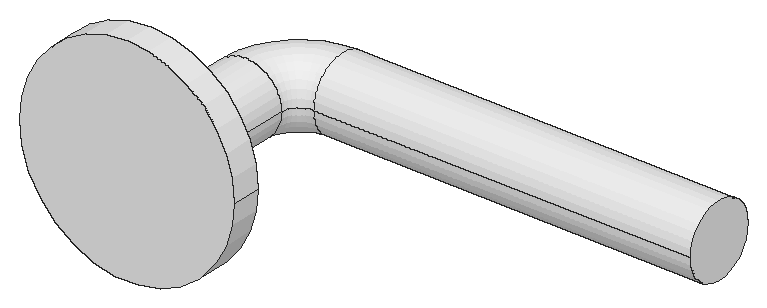
Revit family "M_Alavanca da maçaneta", category Portas, Revit 2019
Family settings
  Com base no plano de trabalho = Não
  Sempre na vertical = Sim
  Corte com vazios quando carregada = Não
  Compartilhado = Não
  Ponto de cálculo do ambiente = Não
Parameters (values of type "Padrão")
  Material = Alumín. 1
  Distância Z da maçaneta = 0 mm
  Distância X da maçaneta = 75.009 mm
  Assembly Code = ""
  Construção analítica = "<Nenhum>"
Reference planes
  plane 1 "Centro (Frente/Trás)": y = 0
  plane 2: z = 0
  plane 3 "Centro (Esquerda/Direita)": x = 150
  plane 4: z = 0
  plane 5 "Maçaneta C/L": x = 225.009
Forms (mm)
  Extrusion 1, solid, material "Alumín. 1" <- "Material"
    sketch origin (300, 0, 0) x (1, 0, 0) y (0, 0, -1)
      loop
        circle (-77.491, 0) r 30
    from 0 to 8
  Sweep 2, solid, material "Alumín. 1" <- "Material"
    path origin (0, 0, 0) x (0, -1, 0) y (1, 0, 0)
      loop
        line (-8, 225.009) -> (-38, 225.009)
        arc (-38, 225.009) -> (-48.607, 229.403) -> (-53, 240.009) r 15
        line (-53, 240.009) -> (-53, 345.009)
    profile origin (225.009, 23, 0) x (1, 0, 0) y (0, 0, 1)
      loop
        circle (0, 0) r 10
Dimensions and locks
  "Distância Z da maçaneta": plane 4 to level
  Sweep 2 sketch curve to Sweep 2 sketch curve = 105 mm
  "Distância X da maçaneta": plane 5 "Maçaneta C/L" to plane 3 "Centro (Esquerda/Direita)"
  plane 5 "Maçaneta C/L" to Sweep 2 sketch curve = 120 mm
  aligned and locked: plane 4 to Extrusion 1 sketch curve
Automatic sketch dimensions
  Sweep 2 sketch curve to profile plane = 0 mm  (x2)
  Sweep 2 sketch curve to plane 5 "Maçaneta C/L" = 0 mm
  Sweep 2 sketch curve to plane 1 "Centro (Frente/Trás)" = 53 mm
  Sweep 2 sketch curve to plane 1 "Centro (Frente/Trás)" = 8 mm
  Extrusion 1 sketch curve to plane 5 "Maçaneta C/L" = 2.5 mm
  radius of Sweep 2 sketch curve = 10 mm
  radius of Extrusion 1 sketch curve = 30 mm
